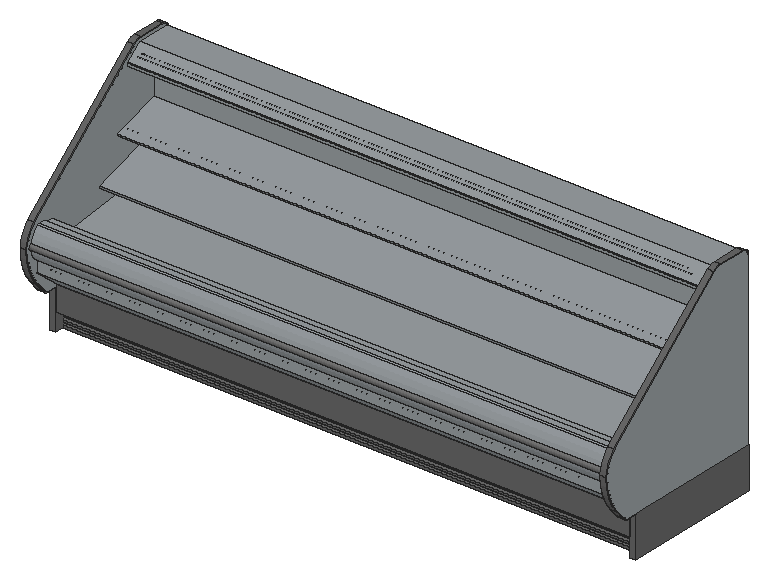
Revit family "O3UM-NRG", category Mechanical Equipment, Revit 2019 (continued)
Automatic sketch dimensions
  Revolve 24 sketch curve to Revolve 24 sketch curve = 1.21997"
  Revolve 24 sketch curve to Revolve 24 sketch curve = 1.59453"
  Revolve 24 sketch curve to Revolve 24 sketch curve = 1.75042"
  Revolve 24 sketch curve to Revolve 24 sketch curve = 0.43902"
  Revolve 25 sketch curve to Revolve 25 sketch curve = 1.86936"
  Revolve 25 sketch curve to Revolve 25 sketch curve = 0.03147"
  Revolve 25 sketch curve to Revolve 25 sketch curve = 1.21997"
  Revolve 25 sketch curve to Revolve 25 sketch curve = 0.21551"
  Revolve 26 sketch curve to Revolve 26 sketch curve = 2.01449"
  Revolve 27 sketch curve to Revolve 27 sketch curve = 0.68406"
  Revolve 27 sketch curve to Revolve 27 sketch curve = 0.73671"
  Revolve 27 sketch curve to Revolve 27 sketch curve = 79/256"  (x2)
  Revolve 27 sketch curve to Revolve 27 sketch curve = 0.68285"  (x2)
  Revolve 27 sketch curve to Revolve 27 sketch curve = 0.8384"  (x2)
  Revolve 27 sketch curve to Revolve 27 sketch curve = 0.93565"  (x2)
  Revolve 27 sketch curve to Revolve 27 sketch curve = 1.36355"  (x2)
  Revolve 27 sketch curve to Revolve 27 sketch curve = 5.42394"
  Revolve 27 sketch curve to Revolve 27 sketch curve = 0.09566"  (x2)
  Revolve 27 sketch curve to Revolve 27 sketch curve = 7.39041"
  Revolve 27 sketch curve to Revolve 27 sketch curve = 2.22348"
  Revolve 27 sketch curve to Revolve 27 sketch curve = 0.16373"  (x2)
  Revolve 27 sketch curve to Revolve 27 sketch curve = 5.94218"
  Revolve 27 sketch curve to Revolve 27 sketch curve = 0.03186"
  Revolve 27 sketch curve to Revolve 27 sketch curve = 0.1124"  (x2)
  Revolve 27 sketch curve to Revolve 27 sketch curve = 3.30097"
  Revolve 27 sketch curve to Revolve 27 sketch curve = 0.02387"
  Revolve 27 sketch curve to Revolve 27 sketch curve = 0.22192"
  Revolve 27 sketch curve to Revolve 27 sketch curve = 0.33837"  (x2)
  Revolve 27 sketch curve to Revolve 27 sketch curve = 0.1448"
  Revolve 27 sketch curve to Revolve 27 sketch curve = 2.28842"
  Revolve 27 sketch curve to Revolve 27 sketch curve = 2.36587"
  Revolve 27 sketch curve to Revolve 27 sketch curve = 0.44415"
  Revolve 27 sketch curve to Revolve 27 sketch curve = 0.58895"
  Revolve 27 sketch curve to Revolve 27 sketch curve = 0.71219"
  Revolve 27 sketch curve to Revolve 27 sketch curve = 7.48298"
  Revolve 28 sketch curve to Revolve 28 sketch curve = 0"  (x4)
  Revolve 28 sketch curve to Revolve 28 sketch curve = 0.04201"
  Revolve 28 sketch curve to Revolve 28 sketch curve = 0.0105"
  Revolve 28 sketch curve to Revolve 28 sketch curve = 0.09939"
  Revolve 28 sketch curve to Revolve 28 sketch curve = 0.38219"
  Revolve 28 sketch curve to Revolve 28 sketch curve = 0.05924"
  Revolve 28 sketch curve to Revolve 28 sketch curve = 0.00816"
  Revolve 28 sketch curve to Revolve 28 sketch curve = 0.04331"
  Revolve 28 sketch curve to Revolve 28 sketch curve = 0.89649"
  Revolve 28 sketch curve to Revolve 28 sketch curve = 0.00551"
  Revolve 28 sketch curve to Revolve 28 sketch curve = 0.03189"
  Revolve 28 sketch curve to Revolve 28 sketch curve = 0.03521"
  Revolve 28 sketch curve to Revolve 28 sketch curve = 0.0309"
  Revolve 28 sketch curve to Revolve 28 sketch curve = 0.88246"
  Revolve 28 sketch curve to Revolve 28 sketch curve = 0.00955"
  Revolve 28 sketch curve to Revolve 28 sketch curve = 0.00408"  (x3)
  Revolve 28 sketch curve to Revolve 28 sketch curve = 0.03073"  (x5)
  Revolve 28 sketch curve to Revolve 28 sketch curve = 0.03702"
  Revolve 28 sketch curve to Revolve 28 sketch curve = 0.01754"
  Revolve 29 sketch curve to Revolve 29 sketch curve = 0.55496"
  Revolve 29 sketch curve to Revolve 29 sketch curve = 0.92838"
  Revolve 29 sketch curve to Revolve 29 sketch curve = 0.88227"
  Revolve 29 sketch curve to Revolve 29 sketch curve = 0.00974"
  Revolve 29 sketch curve to Revolve 29 sketch curve = 0.00408"
  Revolve 29 sketch curve to Revolve 29 sketch curve = 0.03073"  (x2)
  Revolve 30 sketch curve to Revolve 30 sketch curve = 2.05651"
  Revolve 30 sketch curve to Revolve 30 sketch curve = 0.08186"
  Revolve 30 sketch curve to Revolve 30 sketch curve = 0.18876"
  Revolve 30 sketch curve to Revolve 30 sketch curve = 0.94764"
  Revolve 30 sketch curve to Revolve 30 sketch curve = 3.29984"
  Revolve 30 sketch curve to Revolve 30 sketch curve = 0.90363"
  Revolve 30 sketch curve to Revolve 30 sketch curve = 0.033"  (x2)
  Revolve 30 sketch curve to Revolve 30 sketch curve = 0.02197"
  Revolve 30 sketch curve to Revolve 30 sketch curve = 1.7574"
  Revolve 30 sketch curve to Revolve 30 sketch curve = 0.03803"
  Revolve 30 sketch curve to Revolve 30 sketch curve = 0.45262"
  Revolve 30 sketch curve to Revolve 30 sketch curve = 19/32"
  Revolve 30 sketch curve to Revolve 30 sketch curve = 0.04641"
  Revolve 30 sketch curve to Revolve 30 sketch curve = 0.438"
  Revolve 30 sketch curve to Revolve 30 sketch curve = 0.04813"
  Revolve 30 sketch curve to Revolve 30 sketch curve = 1.82787"
  Revolve 30 sketch curve to Revolve 30 sketch curve = 1.07105"
  Revolve 30 sketch curve to Revolve 30 sketch curve = 0.0583"
  Revolve 30 sketch curve to Revolve 30 sketch curve = 0.65966"
  Revolve 30 sketch curve to Revolve 30 sketch curve = 0.01359"
  Revolve 30 sketch curve to Revolve 30 sketch curve = 0.07605"
  Revolve 30 sketch curve to Revolve 30 sketch curve = 3.07927"
  Revolve 31 sketch curve to Revolve 31 sketch curve = 1.472"
  Revolve 31 sketch curve to Revolve 31 sketch curve = 0"  (x5)
  Revolve 31 sketch curve to Revolve 31 sketch curve = 9/16"
  Revolve 31 sketch curve to Revolve 31 sketch curve = 0.347"
  Extrusion 32 sketch curve to Extrusion 32 sketch curve = 0.74192"
  Extrusion 32 sketch curve to Extrusion 32 sketch curve = 2.04"
  Extrusion 32 sketch curve to Extrusion 32 sketch curve = 4.33525"
  Extrusion 32 sketch curve to Extrusion 32 sketch curve = 1.7236"
  Extrusion 32 sketch curve to Extrusion 32 sketch curve = 6.74827"
  Extrusion 32 sketch curve to Extrusion 32 sketch curve = 20.23546"
  Extrusion 32 sketch curve to Extrusion 32 sketch curve = 1.92678"
  Extrusion 32 sketch curve to Extrusion 32 sketch curve = 6.90926"
  Extrusion 32 sketch curve to Extrusion 32 sketch curve = 0.70054"
  Extrusion 32 sketch curve to Extrusion 32 sketch curve = 5.17379"
  Extrusion 32 sketch curve to Extrusion 32 sketch curve = 0.15274"
  Extrusion 32 sketch curve to Extrusion 32 sketch curve = 1.44627"
  Extrusion 33 sketch curve to Extrusion 33 sketch curve = 0"  (x20)
  Extrusion 33 sketch curve to Extrusion 33 sketch curve = 0.16056"  (x2)
  Extrusion 33 sketch curve to Extrusion 33 sketch curve = 0.55041"
  Extrusion 33 sketch curve to Extrusion 33 sketch curve = 0.19151"  (x2)
  Extrusion 33 sketch curve to Extrusion 33 sketch curve = 2.04"
  Extrusion 33 sketch curve to Extrusion 33 sketch curve = 4.33525"
  Extrusion 33 sketch curve to Extrusion 33 sketch curve = 1.7236"
  Extrusion 33 sketch curve to Extrusion 33 sketch curve = 2.15769"
  Extrusion 33 sketch curve to Extrusion 33 sketch curve = 6.74827"
  Extrusion 33 sketch curve to Extrusion 33 sketch curve = 20.0749"
  Extrusion 33 sketch curve to Extrusion 33 sketch curve = 1.92678"
  Extrusion 33 sketch curve to Extrusion 33 sketch curve = 6.90926"
  Extrusion 33 sketch curve to Extrusion 33 sketch curve = 0.70054"
  Extrusion 33 sketch curve to Extrusion 33 sketch curve = 5.17379"
  Extrusion 33 sketch curve to Extrusion 33 sketch curve = 0.15274"
  Extrusion 33 sketch curve to Extrusion 33 sketch curve = 1.44627"
  Revolve 35 sketch curve to Revolve 35 sketch curve = 2.01449"
  Revolve 35 sketch curve to Revolve 35 sketch curve = 0.50789"
  Revolve 35 sketch curve to Revolve 35 sketch curve = 3.25293"
  Revolve 35 sketch curve to Revolve 35 sketch curve = 0.01434"
  Revolve 35 sketch curve to Revolve 35 sketch curve = 0.23199"
  Revolve 35 sketch curve to Revolve 35 sketch curve = 17.48392"
  Revolve 35 sketch curve to Revolve 35 sketch curve = 2.09102"
  Revolve 35 sketch curve to Revolve 35 sketch curve = 2.63055"
  Revolve 35 sketch curve to Revolve 35 sketch curve = 2.28648"
  Revolve 35 sketch curve to Revolve 35 sketch curve = 0.22853"
  Revolve 35 sketch curve to Revolve 35 sketch curve = 2.57882"
  Revolve 35 sketch curve to Revolve 35 sketch curve = 0.21424"
  Revolve 35 sketch curve to Revolve 35 sketch curve = 1.17486"
  Revolve 35 sketch curve to Revolve 35 sketch curve = 2.23958"
  Revolve 35 sketch curve to Revolve 35 sketch curve = 0.02243"
  Revolve 35 sketch curve to Revolve 35 sketch curve = 1.65553"
  Revolve 35 sketch curve to Revolve 35 sketch curve = 5.75556"
  Revolve 35 sketch curve to Revolve 35 sketch curve = 0.07644"
  Revolve 35 sketch curve to Revolve 35 sketch curve = 3.4374"
  Revolve 35 sketch curve to Revolve 35 sketch curve = 2.56217"
  Revolve 35 sketch curve to Revolve 35 sketch curve = 1.28582"
  Revolve 35 sketch curve to Revolve 35 sketch curve = 1.49354"
  Revolve 35 sketch curve to Revolve 35 sketch curve = 0.2515"
  Revolve 35 sketch curve to Revolve 35 sketch curve = 1.26748"
  Revolve 21 sketch curve to Revolve 21 sketch curve = 28.10341"
  Revolve 21 sketch curve to Revolve 21 sketch curve = 1.78"
  Revolve 21 sketch curve to Revolve 21 sketch curve = 2.94807"  (x2)
  Revolve 21 sketch curve to Revolve 21 sketch curve = 8 3/16"
  Revolve 21 sketch curve to Revolve 21 sketch curve = 46.07927"
  Revolve 21 sketch curve to Revolve 21 sketch curve = 5.98545"
  Revolve 22 sketch curve to Revolve 22 sketch curve = 0.07997"
  Revolve 22 sketch curve to Revolve 22 sketch curve = 0.35463"
  Revolve 22 sketch curve to Revolve 22 sketch curve = 0.08495"
  Revolve 22 sketch curve to Revolve 22 sketch curve = 0.35462"  (x2)
  Revolve 22 sketch curve to Revolve 22 sketch curve = 0.41505"
  Revolve 22 sketch curve to Revolve 22 sketch curve = 0.78364"
  Revolve 22 sketch curve to Revolve 22 sketch curve = 40.01575"
  Revolve 22 sketch curve to Revolve 22 sketch curve = 46.07927"
  Revolve 22 sketch curve to Revolve 22 sketch curve = 5.98936"
  Revolve 23 sketch curve to Revolve 23 sketch curve = 2.0082"
  Revolve 23 sketch curve to Revolve 23 sketch curve = 5.89547"
  Revolve 23 sketch curve to Revolve 23 sketch curve = 6.0073"
  Revolve 23 sketch curve to Revolve 23 sketch curve = 1 249/256"
  Revolve 23 sketch curve to Revolve 23 sketch curve = 28.6374"
  Revolve 23 sketch curve to Revolve 23 sketch curve = 1.01069"
  Revolve 23 sketch curve to Revolve 23 sketch curve = 8 3/16"
  Revolve 23 sketch curve to Revolve 23 sketch curve = 4.90714"
  Revolve 23 sketch curve to Revolve 23 sketch curve = 16.98936"
  Revolve 24 sketch curve to Revolve 24 sketch curve = 46.57838"
  Revolve 24 sketch curve to Revolve 24 sketch curve = 30.07927"
  Revolve 24 sketch curve to Revolve 24 sketch curve = 27.61203"
  Revolve 25 sketch curve to Revolve 25 sketch curve = 4.81009"
  Revolve 25 sketch curve to Revolve 25 sketch curve = 0.11774"
  Revolve 25 sketch curve to Revolve 25 sketch curve = 0.1804"
  Revolve 25 sketch curve to Revolve 25 sketch curve = 44.04114"
  Revolve 25 sketch curve to Revolve 25 sketch curve = 35.45659"
  Revolve 25 sketch curve to Revolve 25 sketch curve = 27.61203"
  Revolve 26 sketch curve to Revolve 26 sketch curve = 28.6374"
  Revolve 26 sketch curve to Revolve 26 sketch curve = 10 41/256"
  Revolve 26 sketch curve to Revolve 26 sketch curve = 6.1951"
  Revolve 26 sketch curve to Revolve 26 sketch curve = 28.23612"
  Revolve 27 sketch curve to Revolve 27 sketch curve = 0.36808"
  Revolve 27 sketch curve to Revolve 27 sketch curve = 12.17465"
  Revolve 27 sketch curve to Revolve 27 sketch curve = 17.28078"
  Revolve 27 sketch curve to Revolve 27 sketch curve = 32.96925"
  Revolve 28 sketch curve to Revolve 28 sketch curve = 0.439"
  Revolve 28 sketch curve to Revolve 28 sketch curve = 0.03484"
  Revolve 28 sketch curve to Revolve 28 sketch curve = 0.04316"
  Revolve 28 sketch curve to Revolve 28 sketch curve = 0.08826"
  Revolve 28 sketch curve to Revolve 28 sketch curve = 0.23466"
  Revolve 28 sketch curve to Revolve 28 sketch curve = 0.30334"
  Revolve 28 sketch curve to Revolve 28 sketch curve = 3.34353"
  Revolve 28 sketch curve to Revolve 28 sketch curve = 0.00434"
  Revolve 28 sketch curve to Revolve 28 sketch curve = 0.03501"
  Revolve 28 sketch curve to Revolve 28 sketch curve = 0.02636"
  Revolve 28 sketch curve to Revolve 28 sketch curve = 12.17465"
  Revolve 28 sketch curve to Revolve 28 sketch curve = 6.3201"
  Revolve 28 sketch curve to Revolve 28 sketch curve = 53.05701"
  Revolve 29 sketch curve to Revolve 29 sketch curve = 0.03915"
  Revolve 29 sketch curve to Revolve 29 sketch curve = 0.11899"
  Revolve 29 sketch curve to Revolve 29 sketch curve = 0.30477"
  Revolve 29 sketch curve to Revolve 29 sketch curve = 3.3421"
  Revolve 29 sketch curve to Revolve 29 sketch curve = 12.82901"
  Revolve 29 sketch curve to Revolve 29 sketch curve = 6.0453"
  Revolve 29 sketch curve to Revolve 29 sketch curve = 53.07456"
  Revolve 30 sketch curve to Revolve 30 sketch curve = 1.9987"
  Revolve 30 sketch curve to Revolve 30 sketch curve = 0.78034"
  Revolve 30 sketch curve to Revolve 30 sketch curve = 8.16146"
  Revolve 30 sketch curve to Revolve 30 sketch curve = 56.87352"
  Revolve 31 sketch curve to Revolve 31 sketch curve = 14.9019"
  Revolve 31 sketch curve to Revolve 31 sketch curve = 5.87689"
  Revolve 31 sketch curve to Revolve 31 sketch curve = 57.19174"
  Extrusion 32 sketch curve to Extrusion 32 sketch curve = 30.5715"
  Extrusion 32 sketch curve to Extrusion 32 sketch curve = 26.24299"
  Extrusion 32 sketch curve to Extrusion 32 sketch curve = 8.98312"
  Extrusion 32 sketch curve to Extrusion 32 sketch curve = 0.98491"
  Extrusion 33 sketch curve to Extrusion 33 sketch curve = 30.5715"
  Extrusion 33 sketch curve to Extrusion 33 sketch curve = 1/4"
  Extrusion 33 sketch curve to Extrusion 33 sketch curve = 26.24299"
  Extrusion 33 sketch curve to Extrusion 33 sketch curve = 0.19162"
  Extrusion 33 sketch curve to Extrusion 33 sketch curve = 8.98312"
  Extrusion 33 sketch curve to Extrusion 33 sketch curve = 0.1607"  (x2)
  Extrusion 33 sketch curve to Extrusion 33 sketch curve = 0.98491"
  Extrusion 33 sketch curve to Extrusion 33 sketch curve = 11.91254"
  Extrusion 34 sketch curve to Extrusion 34 sketch curve = 35.24181"
  Extrusion 34 sketch curve to Extrusion 34 sketch curve = 10 3/8"
  Revolve 35 sketch curve to Revolve 35 sketch curve = 0.217"
  Revolve 35 sketch curve to Revolve 35 sketch curve = 10.83085"
  Revolve 35 sketch curve to Revolve 35 sketch curve = 12.17465"
  Revolve 35 sketch curve to Revolve 35 sketch curve = 32.66907"
  Revolve 35 sketch curve to Revolve 35 sketch curve = 20.198"
  Extrusion 5 sketch curve to Extrusion 5 sketch curve = 0.15685"
  Extrusion 5 sketch curve to Extrusion 5 sketch curve = 0.2427"
  Extrusion 5 sketch curve to Extrusion 5 sketch curve = 1/8"
  Extrusion 5 sketch curve to Extrusion 5 sketch curve = 11.59315"
  Extrusion 5 sketch curve to Extrusion 5 sketch curve = 0"
  Extrusion 5 sketch curve to Extrusion 5 sketch curve = 2 7/8"
  Extrusion 36 sketch curve to Extrusion 36 sketch curve = 0.15685"
  Extrusion 36 sketch curve to Extrusion 36 sketch curve = 0.2427"
  Extrusion 36 sketch curve to Extrusion 36 sketch curve = 1/8"
  Extrusion 36 sketch curve to Extrusion 36 sketch curve = 11.59315"
  Extrusion 36 sketch curve to Extrusion 36 sketch curve = 0"
  Extrusion 36 sketch curve to Extrusion 36 sketch curve = 2 7/8"
Types (15): name | Standard Power Watts | Standard Power Amps | Shelf distance | Refgn | RIGHT WEDGE OS 90 | Lights Per Row | Light Length | Length | LEFT WEDGE OS 90 | Island High Efficiency Fans Watts | Island High Efficiency Fans Amps | Island Front Sill Height | Island Fans Per Case | Island Evaporator (°F) | Island Discharge Air(°F) | Island BTUH Parallel | Island BTUH Conventional | Island Application | Island  Case Length | High Power (Cornice) Watts | High Power (Cornice) Amps | DRAIN LINE | MAIN CASE
  04' | 11.9 W | 0.1 A | 36" | 22 3/4" | no | 0 | "" | 48" | no | 11 W | 0.16 A | "All" | 1 | 28 °F | 31 °F | 810 | 926 | "Dairy / Deli / Produce" | 96" | 21.5 W | 0.18 A | 36" | yes
  06' | 11.9 W | 0.1 A | 36" | 28 5/8" | no | 0 | "" | 72" | no | 11 W | 0.16 A | "All" | 1 | 28 °F | 31 °F | 810 | 926 | "Dairy / Deli / Produce" | 96" | 21.5 W | 0.18 A | 36" | yes
  08' | 11.9 W | 0.1 A | 48" | 28 5/8" | no | 0 | "" | 96" | no | 11 W | 0.16 A | "All" | 1 | 28 °F | 31 °F | 810 | 926 | "Dairy / Deli / Produce" | 96" | 21.5 W | 0.18 A | 48" | yes
  12' | 11.9 W | 0.1 A | 48" | 28 5/8" | no | 0 | "" | 144" | no | 11 W | 0.16 A | "All" | 1 | 28 °F | 31 °F | 810 | 926 | "Dairy / Deli / Produce" | 96" | 21.5 W | 0.18 A | 72" | yes
  04' Deli | 11.9 W | 0.1 A | 36" | 12 3/8" | no | 1 | "48\"" | 48" | no | 11 W | 0.16 A | "All" | 1 | 28 °F | 31 °F | 770 | 830 | "Dairy / Deli / Produce" | 48" | 21.5 W | 0.18 A | 24" | yes
  06' Deli | 16.6 W | 0.14 A | 36" | 12 3/8" | no | 2 | "36\"" | 72" | no | 22 W | 0.32 A | "All" | 2 | 28 °F | 31 °F | 770 | 830 | "Dairy / Deli / Produce" | 72" | 29.8 W | 0.25 A | 36" | yes
  08' Deli | 23.8 W | 0.2 A | 48" | 12 3/8" | no | 2 | "48\"" | 96" | no | 22 W | 0.32 A | "All" | 2 | 28 °F | 31 °F | 770 | 830 | "Dairy / Deli / Produce" | 96" | 43 W | 0.36 A | 48" | yes
  12' Deli | 35.7 W | 0.3 A | 48" | 12 3/8" | no | 3 | "48\"" | 144" | no | 33 W | 0.48 A | "All" | 3 | 28 °F | 31 °F | 770 | 830 | "Deli" | 144" | 64.5 W | 0.54 A | 72" | yes
  04' Meat | 11.9 W | 0.1 A | 36" | 22 3/4" | no | 1 | "48\"" | 48" | no | 11 W | 0.16 A | "Extended" | 1 | 26 °F | 30 °F | 750 | 830 | "Meat" | 48" | 21.5 W | 0.18 A | 36" | yes
  06' Meat | 16.6 W | 0.14 A | 36" | 28 5/8" | no | 2 | "36\"" | 72" | no | 22 W | 0.32 A | "Extended" | 2 | 26 °F | 30 °F | 750 | 830 | "Meat" | 72" | 29.8 W | 0.25 A | 36" | yes
  08' Meat | 23.8 W | 0.2 A | 48" | 28 5/8" | no | 2 | "48\"" | 96" | no | 22 W | 0.32 A | "Extended" | 2 | 26 °F | 30 °F | 750 | 830 | "Meat" | 96" | 43 W | 0.36 A | 48" | yes
  12' Meat | 35.7 W | 0.3 A | 48" | 28 5/8" | no | 3 | "48\"" | 144" | no | 33 W | 0.48 A | "Extended" | 3 | 26 °F | 30 °F | 750 | 830 | "Meat" | 144" | 64.5 W | 0.54 A | 72" | yes
  10' | 11.9 W | 0.1 A | 36" | 12 3/8" | no | 1 | "48\"" | 120" | no | 11 W | 0.16 A | "All" | 1 | 28 °F | 31 °F | 770 | 830 | "Dairy / Deli / Produce" | 48" | 21.5 W | 0.18 A | 24" | yes
  LEFT WEDGE OS 90 | 11.9 W | 0.1 A | 48" | 28 5/8" | no | 0 | "" | 144" | yes | 11 W | 0.16 A | "All" | 1 | 28 °F | 31 °F | 810 | 926 | "Dairy / Deli / Produce" | 96" | 21.5 W | 0.18 A | 72" | no
  RIGHT WEDGE OS 90 | 11.9 W | 0.1 A | 48" | 28 5/8" | yes | 0 | "" | 144" | no | 11 W | 0.16 A | "All" | 1 | 28 °F | 31 °F | 810 | 926 | "Dairy / Deli / Produce" | 96" | 21.5 W | 0.18 A | 72" | no
